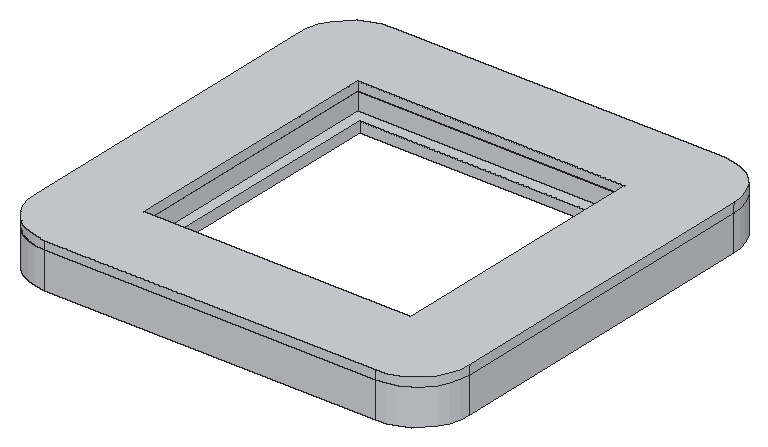
Revit family "Gira_0211412", category Electrical Fixtures, host Face, Revit 2017
Family settings
  Host = Face
  Maintain Annotation Orientation = No
  Round Connector Dimension = Use Diameter
  Part Type = Normal
  Cut with Voids When Loaded = No
  Shared = No
  Room Calculation Point = No
Parameters (values of type "Abdeckrahmen 1f Gira E3 Grau/Reinweiß")
  Werkstoffgüte = "sonstige"
  Werkstoff = "sonstige"
  URL = "http://katalog.gira.de/de_DE/datenblatt.html?artikelnr=0211412"
  Transparent = "No"
  Textfeld/Beschriftungsfläche = "No"
  Schutzart (IP) = "IP20"
  Region = "DE"
  Oberfläche = "sonstige"
  Name = "Abdeckrahmen 1f Gira E3 Grau/Reinweiß"
  Montagerichtung = "horizontal und vertikal"
  Mit Montagerahmen = "No"
  Mit Klappdeckel = "No"
  Manufacturer URL = "https://www.gira.de/"
  Keynote = "E3_Rahmen_1fach"
  HeinzeBIM = "https://bimportal.heinze.de/bim/abdeckrahmen-1f-gira-e3-grau-reinweiss/1fa31a8a93716a843b5f3e32dd543d9e0b60a18a"
  Halogenfrei = "Yes"
  HAN = "0211412"
  Geeignet für Unterputz-Installation = "Yes"
  Geeignet für Unterflurkanaldose = "No"
  Geeignet für Geräteeinbaukanal = "No"
  Geeignet für Einbauinstallation = "No"
  GTIN = "4010337023890"
  Farbe = "grau"
  Default Elevation = 1219.2 mm
  Data sheet (1) = "https://katalog.gira.de/de_DE/download.html?artikelnr=0211412"
  Category = "Abdeckrahmen"
  Befestigungsart = "Klemmbefestigung"
  Available = "Yes"
  Anzahl der Einheiten vertikal = "1 "
  Anzahl der Einheiten horizontal = "1 "
  Anzahl der Einheiten = "1 "
Reference planes
  plane 1 "Center (Front/Back)": y = 0
  plane 2: z = 0
  plane 3 "Center (Left/Right)": x = 0
Forms (mm)
  Extrusion 1, solid, detail levels fine
    sketch origin (0, 0, 0) x (1, 0, 0) y (0, 1, 0)
      loop
        arc (-34.8, 45.809) -> (-42.585, 42.585) -> (-45.809, 34.8) r 11.009
        line (-45.809, 34.8) -> (-45.809, -34.8)
        arc (-45.809, -34.8) -> (-42.585, -42.585) -> (-34.8, -45.809) r 11.009
        line (-34.8, -45.809) -> (34.8, -45.809)
        arc (34.8, -45.809) -> (42.585, -42.585) -> (45.809, -34.8) r 11.009
        line (45.809, -34.8) -> (45.809, 34.8)
        arc (45.809, 34.8) -> (42.585, 42.585) -> (34.8, 45.809) r 11.009
        line (34.8, 45.809) -> (-34.8, 45.809)
      loop
        line (28.187, 28.156) -> (-28.187, 28.156) -> (-28.187, -28.156) -> (28.187, -28.156) -> (28.187, 28.156)
    from 7.65 to 9.5
  Extrusion 2, solid, detail levels fine
    sketch origin (0, 0, 0) x (1, 0, 0) y (0, 1, 0)
      loop
        line (25.7, 25.7) -> (-25.7, 25.7) -> (-25.7, -25.7) -> (25.7, -25.7) -> (25.7, 25.7)
      loop
        line (-28.187, -28.156) -> (28.187, -28.156) -> (28.187, 28.156) -> (-28.187, 28.156) -> (-28.187, -28.156)
    from 1.65 to 3.9
  Extrusion 3, solid, detail levels fine
    sketch origin (0, 0, 0) x (1, 0, 0) y (0, 1, 0)
      loop
        arc (-34.8, 45.809) -> (-42.585, 42.585) -> (-45.809, 34.8) r 11.009
        line (-45.809, 34.8) -> (-45.809, -34.8)
        arc (-45.809, -34.8) -> (-42.585, -42.585) -> (-34.8, -45.809) r 11.009
        line (-34.8, -45.809) -> (34.8, -45.809)
        arc (34.8, -45.809) -> (42.585, -42.585) -> (45.809, -34.8) r 11.009
        line (45.809, -34.8) -> (45.809, 34.8)
        arc (45.809, 34.8) -> (42.585, 42.585) -> (34.8, 45.809) r 11.009
        line (34.8, 45.809) -> (-34.8, 45.809)
      loop
        line (-43.843, 34.785) -> (-43.843, -34.785)
        arc (-43.843, -34.785) -> (-41.19, -41.19) -> (-34.785, -43.843) r 9.058
        line (-34.785, -43.843) -> (34.785, -43.843)
        arc (34.785, -43.843) -> (41.19, -41.19) -> (43.843, -34.785) r 9.058
        line (43.843, -34.785) -> (43.843, 34.785)
        arc (43.843, 34.785) -> (41.19, 41.19) -> (34.785, 43.843) r 9.058
        line (34.785, 43.843) -> (-34.785, 43.843)
        arc (-34.785, 43.843) -> (-41.19, 41.19) -> (-43.843, 34.785) r 9.058
    from 0 to 7.65
  Extrusion 4, solid, detail levels fine
    sketch origin (0, 0, 0) x (1, 0, 0) y (0, 1, 0)
      loop
        line (-27.337, -31.075) -> (27.337, -31.075)
        arc (27.337, -31.075) -> (29.98, -29.98) -> (31.075, -27.337) r 3.739
        line (31.075, -27.337) -> (31.075, 27.337)
        arc (31.075, 27.337) -> (29.98, 29.98) -> (27.337, 31.075) r 3.739
        line (27.337, 31.075) -> (-27.337, 31.075)
        arc (-27.337, 31.075) -> (-29.98, 29.98) -> (-31.075, 27.337) r 3.739
        line (-31.075, 27.337) -> (-31.075, -27.337)
        arc (-31.075, -27.337) -> (-29.98, -29.98) -> (-27.337, -31.075) r 3.739
      loop
        line (-29.925, 27.537) -> (-29.925, -27.537)
        arc (-29.925, -27.537) -> (-29.226, -29.226) -> (-27.537, -29.925) r 2.389
        line (-27.537, -29.925) -> (27.537, -29.925)
        arc (27.537, -29.925) -> (29.226, -29.226) -> (29.925, -27.537) r 2.389
        line (29.925, -27.537) -> (29.925, 27.537)
        arc (29.925, 27.537) -> (29.226, 29.226) -> (27.537, 29.925) r 2.389
        line (27.537, 29.925) -> (-27.537, 29.925)
        arc (-27.537, 29.925) -> (-29.226, 29.226) -> (-29.925, 27.537) r 2.389
    from 1.65 to 7.65
  Extrusion 5, solid, detail levels fine
    sketch origin (0, 0, 0) x (1, 0, 0) y (0, 1, 0)
      loop
        line (-32.053, -39.8) -> (32.053, -39.8)
        arc (32.053, -39.8) -> (37.667, -36.708) -> (39.9, -30.7) r 9.2
        line (39.9, -30.7) -> (39.9, 30.7)
        arc (39.9, 30.7) -> (37.205, 37.205) -> (30.7, 39.9) r 9.2
        line (30.7, 39.9) -> (-30.7, 39.9)
        arc (-30.7, 39.9) -> (-37.205, 37.205) -> (-39.9, 30.7) r 9.2
        line (-39.9, 30.7) -> (-39.9, -30.7)
        arc (-39.9, -30.7) -> (-37.667, -36.708) -> (-32.053, -39.8) r 9.2
      loop
        line (-30.7, -31.7) -> (30.7, -31.7)
        arc (30.7, -31.7) -> (31.407, -31.407) -> (31.7, -30.7) r 1
        line (31.7, -30.7) -> (31.7, 30.7)
        arc (31.7, 30.7) -> (31.407, 31.407) -> (30.7, 31.7) r 1
        line (30.7, 31.7) -> (-30.7, 31.7)
        arc (-30.7, 31.7) -> (-31.407, 31.407) -> (-31.7, 30.7) r 1
        line (-31.7, 30.7) -> (-31.7, -30.7)
        arc (-31.7, -30.7) -> (-31.407, -31.407) -> (-30.7, -31.7) r 1
    from 1.65 to 3.9
  Extrusion 6, solid, detail levels fine
    sketch origin (0, 0, 0) x (1, 0, 0) y (0, 1, 0)
      loop
        line (-28.187, 28.156) -> (-28.187, -28.156) -> (28.187, -28.156) -> (28.187, 28.156) -> (-28.187, 28.156)
      loop
        line (-29.925, 29.925) -> (-29.925, -29.925) -> (29.925, -29.925) -> (29.925, 29.925) -> (-29.925, 29.925)
    from 1.65 to 7.65
  Extrusion 7, solid, detail levels coarse+medium
    sketch origin (0, 0, 0) x (1, 0, 0) y (0, 1, 0)
      loop
        line (-45.809, 45.809) -> (-45.809, -45.809) -> (45.809, -45.809) -> (45.809, 45.809) -> (-45.809, 45.809)
    from 0 to 9.5
Dimensions and locks
  aligned and locked: plane 2 to host face
  aligned and locked: level to host face
